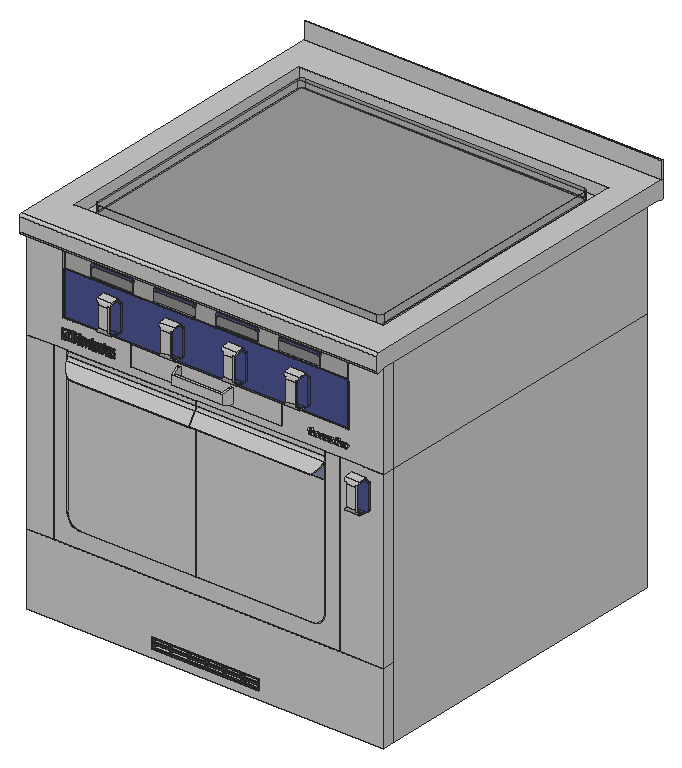
Revit family "QF_ELECTROLUXPROFESSIONAL_588464_MALPFBH4AO", category Attrezzature speciali, Revit 2020 (continued)
Definition of nested family "Front_Panel_W800_Four Knobs"
  Definition of nested family "ELX_Professional_Logo_Small"
    Forms (mm)
      Extrusion 2, solid, material <- "Material_Logo"
        sketch origin (15.5, 0, 0) x (1, 0, 0) y (0, 1, 0)
          loop
            spline (-4.441, -1.243) -> (-4.659, -1.247) -> (-4.894, -1.23) -> (-5.137, -1.19) -> (-5.384, -1.121) -> (-5.628, -1.021) -> (-5.864, -0.884) -> (-6.084, -0.708) -> (-6.283, -0.488) -> (-6.454, -0.219) -> (-6.592, 0.101) -> (-6.69, 0.478) -> (-6.742, 0.914)
            line (-6.742, 0.914) -> (-6.742, 4.587) -> (-4.487, 4.587) -> (-4.487, 6.838) -> (-6.738, 6.838) -> (-6.738, 10.824) -> (-9.217, 10.824) -> (-9.217, 0.773)
            spline (-9.217, 0.773) -> (-9.164, 0.19) -> (-9.068, -0.358) -> (-8.928, -0.87) -> (-8.742, -1.343) -> (-8.511, -1.777) -> (-8.232, -2.168) -> (-7.904, -2.515) -> (-7.527, -2.816) -> (-7.098, -3.069) -> (-6.618, -3.273) -> (-6.084, -3.426) -> (-5.496, -3.525)
            line (-5.496, -3.525) -> (-4.45, -3.573) -> (-4.441, -1.243)
          loop
            spline (3.898, 6.983) -> (3.469, 7.009) -> (3.056, 7.001) -> (2.661, 6.961) -> (2.283, 6.888) -> (1.925, 6.785) -> (1.588, 6.652) -> (1.272, 6.49) -> (0.979, 6.301) -> (0.71, 6.085) -> (0.465, 5.844) -> (0.247, 5.578) -> (0.056, 5.289)
            line (0.056, 5.289) -> (0.056, 6.838) -> (-2.402, 6.838) -> (-2.402, -3.572) -> (0.056, -3.572) -> (0.056, 1.901)
            spline (0.056, 1.901) -> (0.079, 2.316) -> (0.145, 2.703) -> (0.254, 3.06) -> (0.404, 3.386) -> (0.592, 3.679) -> (0.818, 3.938) -> (1.08, 4.162) -> (1.375, 4.348) -> (1.703, 4.495) -> (2.062, 4.602) -> (2.45, 4.668) -> (2.865, 4.69)
            line (2.865, 4.69) -> (3.898, 4.586) -> (3.898, 6.983)
          loop
            spline (15.638, 1.633) -> (15.586, 2.396) -> (15.435, 3.124) -> (15.192, 3.81) -> (14.863, 4.449) -> (14.455, 5.034) -> (13.975, 5.56) -> (13.43, 6.021) -> (12.826, 6.411) -> (12.17, 6.724) -> (11.469, 6.955) -> (10.729, 7.098) -> (9.958, 7.147)
            spline (9.958, 7.147) -> (9.182, 7.098) -> (8.44, 6.955) -> (7.737, 6.724) -> (7.081, 6.411) -> (6.477, 6.021) -> (5.933, 5.56) -> (5.454, 5.034) -> (5.048, 4.449) -> (4.721, 3.81) -> (4.479, 3.124) -> (4.329, 2.396) -> (4.277, 1.633)
            spline (4.277, 1.633) -> (4.329, 0.869) -> (4.479, 0.141) -> (4.721, -0.544) -> (5.048, -1.183) -> (5.454, -1.768) -> (5.933, -2.294) -> (6.477, -2.755) -> (7.081, -3.145) -> (7.737, -3.459) -> (8.44, -3.69) -> (9.182, -3.833) -> (9.958, -3.882)
            spline (9.958, -3.882) -> (10.729, -3.833) -> (11.469, -3.69) -> (12.17, -3.459) -> (12.826, -3.145) -> (13.43, -2.755) -> (13.975, -2.294) -> (14.455, -1.768) -> (14.863, -1.183) -> (15.192, -0.544) -> (15.435, 0.141) -> (15.586, 0.869) -> (15.638, 1.633)
          loop
            spline (13.18, 1.633) -> (13.151, 2.083) -> (13.067, 2.513) -> (12.932, 2.918) -> (12.748, 3.296) -> (12.52, 3.642) -> (12.251, 3.954) -> (11.943, 4.227) -> (11.601, 4.459) -> (11.228, 4.645) -> (10.828, 4.782) -> (10.403, 4.867) -> (9.958, 4.896)
            spline (9.958, 4.896) -> (9.509, 4.867) -> (9.081, 4.782) -> (8.679, 4.645) -> (8.306, 4.459) -> (7.964, 4.227) -> (7.658, 3.954) -> (7.39, 3.642) -> (7.163, 3.296) -> (6.981, 2.918) -> (6.847, 2.513) -> (6.765, 2.083) -> (6.736, 1.633)
            spline (6.736, 1.633) -> (6.765, 1.182) -> (6.847, 0.753) -> (6.981, 0.347) -> (7.163, -0.031) -> (7.39, -0.377) -> (7.658, -0.689) -> (7.964, -0.962) -> (8.306, -1.193) -> (8.679, -1.38) -> (9.081, -1.517) -> (9.509, -1.602) -> (9.958, -1.631)
            spline (9.958, -1.631) -> (10.403, -1.602) -> (10.828, -1.517) -> (11.228, -1.38) -> (11.601, -1.193) -> (11.943, -0.962) -> (12.251, -0.689) -> (12.52, -0.377) -> (12.748, -0.031) -> (12.932, 0.347) -> (13.067, 0.753) -> (13.151, 1.182) -> (13.18, 1.633)
          loop
            line (17.162, 4.269) -> (17.162, -3.573) -> (19.642, -3.573) -> (19.642, 10.824) -> (17.162, 10.824) -> (17.162, 4.269)
          loop
            line (28.581, 6.838) -> (28.581, 0.786)
            spline (28.581, 0.786) -> (28.561, 0.393) -> (28.503, 0.038) -> (28.409, -0.279) -> (28.281, -0.559) -> (28.122, -0.802) -> (27.933, -1.011) -> (27.717, -1.185) -> (27.476, -1.325) -> (27.213, -1.433) -> (26.929, -1.509) -> (26.626, -1.554) -> (26.308, -1.569)
            spline (26.308, -1.569) -> (25.99, -1.554) -> (25.688, -1.509) -> (25.404, -1.434) -> (25.141, -1.326) -> (24.9, -1.187) -> (24.684, -1.014) -> (24.496, -0.807) -> (24.336, -0.565) -> (24.209, -0.288) -> (24.115, 0.026) -> (24.057, 0.376) -> (24.037, 0.765)
            line (24.037, 0.765) -> (24.037, 6.838) -> (21.537, 6.838) -> (21.537, 0.558)
            spline (21.537, 0.558) -> (21.581, -0.153) -> (21.71, -0.8) -> (21.916, -1.384) -> (22.195, -1.904) -> (22.54, -2.362) -> (22.944, -2.757) -> (23.403, -3.09) -> (23.909, -3.362) -> (24.456, -3.572) -> (25.04, -3.722) -> (25.652, -3.811) -> (26.288, -3.841)
            spline (26.288, -3.841) -> (26.929, -3.811) -> (27.547, -3.72) -> (28.135, -3.568) -> (28.687, -3.355) -> (29.197, -3.079) -> (29.66, -2.741) -> (30.068, -2.341) -> (30.415, -1.877) -> (30.696, -1.349) -> (30.905, -0.757) -> (31.034, -0.101) -> (31.079, 0.621)
            line (31.079, 0.621) -> (31.079, 6.838) -> (28.581, 6.838)
          loop
            line (40.457, -0.243) -> (38.894, 1.942) -> (40.83, 4.579) -> (42.488, 6.837) -> (39.782, 6.837) -> (37.53, 3.719) -> (35.258, 6.837) -> (32.573, 6.837) -> (34.113, 4.731) -> (36.167, 1.922) -> (34.014, -1.076) -> (32.222, -3.573) -> (34.887, -3.573) -> (37.53, 0.104) -> (40.174, -3.573) -> (42.839, -3.573) -> (40.457, -0.243)
          loop
            line (-46.121, -5.837) -> (-48.039, -5.837) -> (-48.039, -10.814) -> (-47.016, -10.814) -> (-47.016, -9.128) -> (-46.121, -9.128)
            arc (-46.121, -9.128) -> (-44.476, -7.482) -> (-46.121, -5.837) r 1.645
          loop
            line (-46.163, -6.778) -> (-47.016, -6.778) -> (-47.016, -8.187) -> (-46.163, -8.187)
            arc (-46.163, -8.187) -> (-45.458, -7.482) -> (-46.163, -6.778) r 0.704
          loop
            line (-38.313, -5.837) -> (-40.265, -5.837) -> (-40.265, -10.814) -> (-39.241, -10.814) -> (-39.241, -9.1) -> (-38.46, -9.182) -> (-37.48, -10.814) -> (-36.318, -10.814) -> (-37.513, -8.848)
            arc (-37.513, -8.848) -> (-36.888, -8.266) -> (-36.671, -7.441) r 1.536
            arc (-36.671, -7.441) -> (-37.165, -6.305) -> (-38.313, -5.837) r 1.643
          loop
            arc (-38.402, -8.166) -> (-37.707, -7.505) -> (-38.334, -6.778) r 0.696
            line (-38.334, -6.778) -> (-39.241, -6.778) -> (-39.241, -8.166) -> (-38.402, -8.166)
          loop
            circle (-29.965, -8.325) r 2.585
          loop
            circle (-29.965, -8.325) r 1.64
          loop
            line (-23.1, -5.837) -> (-23.1, -10.814) -> (-22.076, -10.814) -> (-22.076, -8.768) -> (-20.204, -8.768) -> (-20.204, -7.828) -> (-22.076, -7.828) -> (-22.076, -6.778) -> (-20.024, -6.778) -> (-20.024, -5.837) -> (-23.1, -5.837)
          loop
            line (-15.802, -5.837) -> (-15.802, -9.2)
            arc (-15.802, -9.2) -> (-15.343, -10.34) -> (-14.209, -10.814) r 1.593
            line (-14.209, -10.814) -> (-12.602, -10.814) -> (-12.602, -10.027) -> (-14.004, -10.027)
            arc (-14.004, -10.027) -> (-14.552, -9.8) -> (-14.779, -9.252) r 0.775
            line (-14.779, -9.252) -> (-14.779, -8.424) -> (-12.789, -8.424) -> (-12.789, -7.642) -> (-14.779, -7.642) -> (-14.779, -6.778) -> (-12.651, -6.778) -> (-12.651, -5.837) -> (-15.802, -5.837)
          loop
            line (-5.909, -7.143) -> (-5.173, -6.638)
            arc (-5.173, -6.638) -> (-5.855, -5.974) -> (-6.781, -5.755) r 1.782
            arc (-6.781, -5.755) -> (-7.397, -5.878) -> (-7.944, -6.189) r 1.974
            arc (-7.944, -6.189) -> (-8.202, -6.5) -> (-8.317, -6.888) r 1.013
            arc (-8.317, -6.888) -> (-8.306, -7.341) -> (-8.192, -7.78) r 1.985
            arc (-8.192, -7.78) -> (-7.749, -8.259) -> (-7.171, -8.563) r 1.928
            arc (-7.171, -8.563) -> (-6.637, -8.779) -> (-6.131, -9.056) r 5.041
            arc (-6.131, -9.056) -> (-5.934, -9.387) -> (-6.09, -9.74) r 0.42
            arc (-6.09, -9.74) -> (-6.631, -9.96) -> (-7.204, -9.845) r 1.016
            arc (-7.204, -9.845) -> (-7.625, -9.603) -> (-7.889, -9.196) r 1.033
            line (-7.889, -9.196) -> (-8.67, -9.686)
            arc (-8.67, -9.686) -> (-8.361, -10.198) -> (-7.908, -10.589) r 1.914
            arc (-7.908, -10.589) -> (-7.334, -10.834) -> (-6.714, -10.896) r 2.063
            arc (-6.714, -10.896) -> (-5.947, -10.743) -> (-5.256, -10.376) r 2.696
            arc (-5.256, -10.376) -> (-4.95, -9.565) -> (-5.108, -8.712) r 1.618
            arc (-5.108, -8.712) -> (-5.448, -8.319) -> (-5.884, -8.035) r 1.876
            arc (-5.884, -8.035) -> (-6.434, -7.789) -> (-6.999, -7.577) r 9.883
            arc (-6.999, -7.577) -> (-7.325, -7.07) -> (-6.854, -6.694) r 0.45
            arc (-6.854, -6.694) -> (-6.329, -6.809) -> (-5.909, -7.143) r 1.197
          loop
            line (1.61, -7.143) -> (2.345, -6.638)
            arc (2.345, -6.638) -> (1.663, -5.974) -> (0.737, -5.755) r 1.782
            arc (0.737, -5.755) -> (0.121, -5.878) -> (-0.425, -6.189) r 1.974
            arc (-0.425, -6.189) -> (-0.683, -6.5) -> (-0.799, -6.888) r 1.013
            arc (-0.799, -6.888) -> (-0.788, -7.341) -> (-0.674, -7.78) r 1.985
            arc (-0.674, -7.78) -> (-0.231, -8.259) -> (0.347, -8.563) r 1.928
            arc (0.347, -8.563) -> (0.881, -8.779) -> (1.387, -9.056) r 5.041
            arc (1.387, -9.056) -> (1.584, -9.387) -> (1.428, -9.74) r 0.42
            arc (1.428, -9.74) -> (0.887, -9.96) -> (0.314, -9.845) r 1.016
            arc (0.314, -9.845) -> (-0.107, -9.603) -> (-0.371, -9.196) r 1.033
            line (-0.371, -9.196) -> (-1.152, -9.686)
            arc (-1.152, -9.686) -> (-0.842, -10.198) -> (-0.39, -10.589) r 1.914
            arc (-0.39, -10.589) -> (0.184, -10.834) -> (0.804, -10.896) r 2.063
            arc (0.804, -10.896) -> (1.572, -10.743) -> (2.263, -10.376) r 2.696
            arc (2.263, -10.376) -> (2.568, -9.565) -> (2.411, -8.712) r 1.618
            arc (2.411, -8.712) -> (2.07, -8.319) -> (1.635, -8.035) r 1.876
            arc (1.635, -8.035) -> (1.084, -7.789) -> (0.519, -7.577) r 9.883
            arc (0.519, -7.577) -> (0.193, -7.07) -> (0.665, -6.694) r 0.45
            arc (0.665, -6.694) -> (1.189, -6.809) -> (1.61, -7.143) r 1.197
          loop
            line (6.801, -5.837) -> (6.801, -10.814) -> (7.825, -10.814) -> (7.825, -5.837) -> (6.801, -5.837)
          loop
            circle (14.724, -8.325) r 1.548
          loop
            circle (14.724, -8.325) r 2.585
          loop
            line (21.59, -10.814) -> (22.623, -10.814) -> (22.623, -7.685) -> (24.9, -10.814) -> (25.895, -10.814) -> (25.895, -5.837) -> (24.861, -5.837) -> (24.861, -9.061) -> (22.585, -5.837) -> (21.59, -5.837) -> (21.59, -10.814)
          loop
            line (31.054, -10.814) -> (31.539, -9.74) -> (33.38, -9.74) -> (33.865, -10.814) -> (34.965, -10.814) -> (32.46, -5.837) -> (29.956, -10.814) -> (31.054, -10.814)
          loop
            line (32.46, -7.698) -> (31.999, -8.719) -> (32.921, -8.719) -> (32.46, -7.698)
          loop
            line (40.047, -9.873) -> (40.047, -5.837) -> (39.024, -5.837) -> (39.024, -10.814) -> (41.961, -10.814) -> (41.961, -9.873) -> (40.047, -9.873)
          loop
            line (-74.986, -10.814) -> (-53.322, -10.814) -> (-53.322, 10.82) -> (-74.986, 10.82) -> (-74.986, -10.814)
          loop
            line (-61.261, 9.758) -> (-61.261, -9.707)
            arc (-61.261, -9.707) -> (-54.066, 0.025) -> (-61.261, 9.758) r 10.18
          loop
            line (-62.251, 8.349) -> (-62.251, 9.758)
            arc (-62.251, 9.758) -> (-70.347, 7.918) -> (-74.247, 0.59) r 9.976
            line (-74.247, 0.59) -> (-71.026, 0.59)
            arc (-71.026, 0.59) -> (-65.274, 2.925) -> (-62.251, 8.349) r 9.351
          loop
            arc (-74.247, -0.539) -> (-70.353, -7.928) -> (-62.251, -9.957) r 10.237
            line (-62.251, -9.957) -> (-62.251, -8.298)
            arc (-62.251, -8.298) -> (-65.274, -2.874) -> (-71.026, -0.539) r 9.351
            line (-71.026, -0.539) -> (-74.247, -0.539)
        from 0 to 1.644
    Dimensions and locks
      aligned and locked: plane 2 to Extrusion 1
      aligned and locked: level to Extrusion 1
Definition of nested family "H450H2_2DOOR"
  Parameters
    Width [instance] = 580 mm
    Wdoor [instance] = Width / 2  # 290 mm
    Show Clearance [instance] = yes
    Model = "727995"
    Height = 450 mm
    Default Elevation = 0 mm
  Reference planes
    plane 1 "Center (Front/Back)": y = 0
    plane 2: z = 0
    plane 3 "Center (Left/Right)": x = 36.042
    plane 4 "panel": z = 25
    plane 5: x = -253.958
    plane 6: x = 326.042
    plane 7: y = 450
    plane 8: z = 290
    plane 9: z = 45
  Forms (mm)
    Extrusion 1, solid
      sketch origin (0, -919.2, 0) x (1, 0, 0) y (0, 1, 0)
        loop
          line (-980.5, 2119.2) -> (-980.5, -162.846) -> (881.94, -162.846) -> (881.94, 2119.2) -> (-980.5, 2119.2)
      from 0 to -59.546
    Extrusion 2, solid
      sketch origin (0, 0, 0) x (1, 0, 0) y (0, 1, 0)
        loop
          line (324.042, 393) -> (37.042, 393) -> (37.042, 97) -> (294.042, 97)
          arc (294.042, 97) -> (315.255, 105.787) -> (324.042, 127) r 30
          line (324.042, 127) -> (324.042, 393)
        loop
          arc (-251.958, 127) -> (-243.171, 105.787) -> (-221.958, 97) r 30
          line (-221.958, 97) -> (35.042, 97) -> (35.042, 393) -> (-251.958, 393) -> (-251.958, 127)
      from 0 to 25
    Extrusion 3, solid
      sketch origin (0, 0, 0) x (1, 0, 0) y (0, 1, 0)
        loop
          line (-251.958, 393) -> (35.042, 393) -> (35.042, 440) -> (-251.958, 440) -> (-251.958, 393)
        loop
          line (37.042, 440) -> (37.042, 393) -> (324.042, 393) -> (324.042, 440) -> (37.042, 440)
      from 0 to 25
    Extrusion 4, solid
      sketch origin (5.581, 79.805, 0) x (1, 0, 0) y (0, 1, 0)
        loop
          line (-257.539, 360.195) -> (29.461, 360.195) -> (29.461, 370.195) -> (-257.539, 370.195) -> (-257.539, 360.195)
        loop
          line (31.461, 370.195) -> (31.461, 360.195) -> (318.461, 360.195) -> (318.461, 370.195) -> (31.461, 370.195)
      from 0 to 25
    Extrusion 5, solid
      sketch origin (36.042, 0, 0) x (0, 1, 0) y (0, 0, 1)
        loop
          line (426.693, 25) -> (440.02, 25)
          arc (440.02, 25) -> (435.261, 25.775) -> (430.993, 28.02) r 15
          line (430.993, 28.02) -> (406.653, 46.362) -> (403.644, 42.369) -> (426.693, 25)
      from 1 to 288
    Extrusion 6, solid
      sketch origin (36.042, 0, 0) x (0, 1, 0) y (0, 0, 1)
        loop
          line (426.693, 25) -> (440.02, 25)
          arc (440.02, 25) -> (435.261, 25.775) -> (430.993, 28.02) r 15
          line (430.993, 28.02) -> (406.653, 46.362) -> (403.644, 42.369) -> (426.693, 25)
      from -288 to -1
    Extrusion 7, void
      sketch origin (0, 0, 0) x (1, 0, 0) y (0, 1, 0)
        loop
          arc (324.042, 426.693) -> (314.508, 412.772) -> (300.317, 403.644) r 42.603
          line (300.317, 403.644) -> (324.042, 403.644) -> (324.042, 426.693)
      from 0 to 47.9
    Extrusion 8, void
      sketch origin (72.084, 0, 0) x (-1, 0, 0) y (0, -1, 0)
        loop
          line (324.042, -426.693) -> (324.042, -403.644) -> (300.317, -403.644)
          arc (300.317, -403.644) -> (314.508, -412.772) -> (324.042, -426.693) r 42.603
      from 0 to 47.9
    Extrusion 9, solid, detail levels coarse
      sketch origin (0, 0, 0) x (1, 0, 0) y (0, 0, 1)
        loop
          arc (36.042, 25) -> (-41.575, 212.383) -> (-228.958, 290) r 265
          line (-228.958, 290) -> (-228.958, 25) -> (36.042, 25)
      from -450 to -97
    Extrusion 10, solid, detail levels coarse
      sketch origin (0, 0, 0) x (1, 0, 0) y (0, 0, 1)
        loop
          arc (301.042, 290) -> (113.659, 212.383) -> (36.042, 25) r 265
          line (36.042, 25) -> (301.042, 25) -> (301.042, 290)
      from -450 to -97
  Cuts and joins
    Extrusion 8 cuts Extrusion 6
    Extrusion 7 cuts Extrusion 5
  Lines and regions (mm)
    symbolic lines
      curve 1: line (326.042, 0, 45) -> (326.042, 0, 290)
      curve 2: line (301.042, 0, 45) -> (301.042, 0, 290)
      curve 3: line (326.042, 0, 290) -> (301.042, 0, 290)
      curve 4: line (-253.958, 0, 45) -> (-253.958, 0, 290)
      curve 5: line (-228.958, 0, 45) -> (-228.958, 0, 290)
      curve 6: line (-253.958, 0, 290) -> (-228.958, 0, 290)
      curve 7: arc (301.042, 0, 290) -> (120.901, 0, 219.356) -> (36.804, 0, 45.088) r 265
      curve 8: arc (35.286, 0, 44.997) -> (-48.783, 0, 219.325) -> (-228.958, 0, 290) r 265
  Dimensions and locks
    plane 4 "panel" to level = 25 mm
    "Width": plane 5 to plane 6
    equal spacing: plane 5, plane 3 "Center (Left/Right)", plane 6
    "Height": plane 1 "Center (Front/Back)" to plane 7
    locked: plane 5 to Extrusion 2 sketch curve at 2
    locked: Extrusion 2 sketch curve to plane 6 at 2
    locked: plane 1 "Center (Front/Back)" to Extrusion 2 sketch curve at 97
    locked: plane 7 to Extrusion 2 sketch curve at 57
    locked: Extrusion 2 sketch curve to plane 3 "Center (Left/Right)" at 1
    locked: plane 3 "Center (Left/Right)" to Extrusion 2 sketch curve at 1
    Extrusion 3 sketch curve to Extrusion 2 = 47 mm
    "Wdoor": plane 8 to level
    locked: curve 2 to curve 1 at 25
    locked: curve 5 to curve 4 at 25
    plane 4 "panel" to plane 9 = 20 mm
    aligned and locked: plane 2 to Extrusion 1
    aligned and locked: level to Extrusion 1
    aligned and locked: plane 4 "panel" to Extrusion 2
    aligned and locked: Extrusion 2 to Extrusion 3 sketch curve
    aligned and locked: Extrusion 3 sketch curve to Extrusion 2  (x2)
    aligned and locked: Extrusion 3 sketch curve to Extrusion 3 sketch curve
    aligned and locked: plane 4 "panel" to Extrusion 3
    aligned and locked: Extrusion 4 sketch curve to Extrusion 4 sketch curve
    aligned and locked: Extrusion 4 sketch curve to Extrusion 3  (x3)
    aligned and locked: Extrusion 3 to Extrusion 4 sketch curve
    aligned and locked: Extrusion 4 sketch curve to plane 7
    aligned and locked: Extrusion 3 to Extrusion 5
    aligned and locked: Extrusion 5 to Extrusion 3
    aligned and locked: Extrusion 6 to Extrusion 3
    aligned and locked: Extrusion 3 to Extrusion 6
    aligned and locked: Extrusion 7 sketch curve to Extrusion 5
    aligned and locked: Extrusion 8 to Extrusion 6
    aligned and locked: Extrusion 4 to Extrusion 8
    aligned and locked: Extrusion 2 to Extrusion 7
    aligned and locked: Extrusion 7 to Extrusion 5
    aligned and locked: Extrusion 4 to Extrusion 3  (x2)
    aligned and locked: Extrusion 3 to Extrusion 2
    aligned and locked: Extrusion 4 to Extrusion 2
    aligned and locked: curve 3 to plane 8
    aligned and locked: curve 1 to plane 6
    aligned and locked: curve 4 to plane 5
    aligned and locked: Extrusion 9 sketch curve to plane 4 "panel"
    aligned and locked: Extrusion 10 sketch curve to curve 7
    aligned and locked: Extrusion 10 sketch curve to curve 2
    aligned and locked: Extrusion 2 to Extrusion 9
    aligned and locked: Extrusion 2 to Extrusion 10
    aligned and locked: plane 7 to Extrusion 9
    aligned and locked: Extrusion 3 to Extrusion 4
  Automatic sketch dimensions
    Extrusion 1 sketch curve to Extrusion 1 sketch curve = 1862.44 mm
    Extrusion 1 sketch curve to Extrusion 1 sketch curve = 2282.046 mm
    Extrusion 2 sketch curve to Extrusion 2 sketch curve = 30 mm  (x2)
    Extrusion 2 sketch curve to plane 1 "Center (Front/Back)" = 97 mm
    Extrusion 2 sketch curve to Extrusion 2 sketch curve = 0 mm
    Extrusion 3 sketch curve to plane 3 "Center (Left/Right)" = 1 mm
    plane 5 to Extrusion 3 sketch curve = 2 mm
    Extrusion 3 sketch curve to Extrusion 3 sketch curve = 0 mm
    Extrusion 5 sketch curve to plane 4 "panel" = 0 mm
    plane 4 "panel" to Extrusion 5 sketch curve = 17.369 mm
    Extrusion 5 sketch curve to plane 7 = 46.356 mm
    plane 4 "panel" to Extrusion 5 sketch curve = 21.362 mm
    Extrusion 5 sketch curve to Extrusion 5 sketch curve = 3.009 mm
    plane 4 "panel" to Extrusion 5 sketch curve = 3.02 mm
    Extrusion 5 sketch curve to Extrusion 5 sketch curve = 9.027 mm
    Extrusion 6 sketch curve to plane 4 "panel" = 0 mm
    plane 4 "panel" to Extrusion 6 sketch curve = 17.369 mm
    Extrusion 6 sketch curve to plane 7 = 46.356 mm
    plane 4 "panel" to Extrusion 6 sketch curve = 21.362 mm
    Extrusion 6 sketch curve to Extrusion 6 sketch curve = 3.009 mm
    plane 4 "panel" to Extrusion 6 sketch curve = 3.02 mm
    Extrusion 6 sketch curve to Extrusion 6 sketch curve = 9.027 mm
    Extrusion 7 sketch curve to Extrusion 7 sketch curve = 23.725 mm
    Extrusion 7 sketch curve to plane 7 = 6.671 mm
    Extrusion 7 sketch curve to plane 6 = 41.221 mm
    Extrusion 7 sketch curve to plane 7 = 23.307 mm
    plane 7 to Extrusion 8 sketch curve = 6.671 mm
    Extrusion 8 sketch curve to plane 5 = 41.221 mm
    Extrusion 8 sketch curve to plane 5 = 25.725 mm
    Extrusion 8 sketch curve to plane 5 = 2 mm
    plane 7 to Extrusion 8 sketch curve = 23.307 mm
    Extrusion 4 sketch curve to Extrusion 4 sketch curve = 10 mm
    Extrusion 4 sketch curve to plane 7 = 10 mm
    curve 2 to plane 9 = 0 mm
    curve 5 to plane 9 = 0 mm
    curve 4 to plane 9 = 0 mm
    curve 1 to plane 9 = 0 mm
    curve 8 to plane 4 "panel" = 0 mm
    curve 5 to plane 8 = 0 mm
    curve 8 to plane 9 = 0.003 mm
    curve 7 to plane 4 "panel" = 0 mm
    plane 9 to curve 7 = 0.088 mm
Definition of nested family "Warm"
  Reference planes
    plane 1 "Center (Front/Back)": y = 0
    plane 2: z = 0
    plane 3 "Center (Left/Right)": x = 0
  Lines and regions (mm)
    detail lines, in view "Ref. Level"
      curve 1: circle (-165.742, 180.331, 0) r 45 normal (0, 0, 1)
      curve 2: line (-165.742, 125.331, 0) -> (-165.742, 80.331, 0)
      curve 3: line (-165.742, 235.331, 0) -> (-165.742, 280.331, 0)
      curve 4: line (-105.742, 180.331, 0) -> (-65.742, 180.331, 0)
      curve 5: line (-220.742, 180.331, 0) -> (-265.742, 180.331, 0)
      curve 6: line (-126.851, 141.44, 0) -> (-95.031, 109.62, 0)
      curve 7: line (-204.632, 219.221, 0) -> (-236.452, 251.041, 0)
      curve 8: line (-126.851, 219.221, 0) -> (-95.031, 251.041, 0)
      curve 9: line (-204.632, 141.44, 0) -> (-236.452, 109.62, 0)
